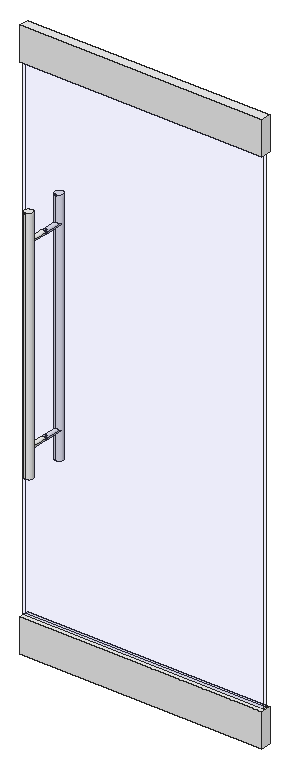
Revit family
Parameters (values of type "AUS_Sgl Glass framed w d-pull")
  Stile - Top Rail = 125.00 mm
  Stile - Bottom Rail = 125.00 mm
  Offset = 50.00 mm
  Material Handle = Metal - Aluminum
  Material Frame = Metal - Aluminum
  Handle X Distance = 75.00 mm
  Glazing Thickness = 12.00 mm
  Material Glass = Glass
  Assembly Code = ""
Reference planes
  plane 1: y = 0
  plane 2: z = 0
  plane 3: x = 539.723
  plane 4: x = 82.523
  plane 5: x = 996.923
  plane 6: z = 2133.6
  plane 7: y = 50
  plane 8: z = 750
  plane 9: z = 1450
  plane 10: x = 157.523
  plane 11: z = 1550
  plane 12: z = 650
  plane 13: z = 2008.6
  plane 14: z = 125
  plane 15: z = 1066.8
Forms (mm)
  Extrusion 1, solid, material "Glass" <- "Material Glass"
    sketch origin (0, 0, 0) x (1, 0, 0) y (0, 1, 0)
      loop
        line (82.523, 50) -> (82.523, 38) -> (996.923, 38) -> (996.923, 50) -> (82.523, 50)
    from 125 to 2008.6
  Extrusion 2, solid, material "Metal - Aluminum" <- "Material Frame"
    sketch origin (0, 50, 0) x (1, 0, 0) y (0, 0, 1)
      loop
        line (996.923, 0) -> (996.923, 125) -> (82.523, 125) -> (82.523, 0) -> (996.923, 0)
      loop
        line (996.923, 2133.6) -> (82.523, 2133.6) -> (82.523, 2008.6) -> (996.923, 2008.6) -> (996.923, 2133.6)
    from -13 to 25
  Extrusion 3, solid, material "Metal - Aluminum" <- "Material Handle"
    sketch origin (0, 63, 0) x (-1, 0, 0) y (0, 0, 1)
      loop
        circle (-157.523, 750) r 8
    from -13 to 53
  Extrusion 4, solid, material "Metal - Aluminum" <- "Material Handle"
    sketch origin (0, 0, 650) x (0, 1, 0) y (1, 0, 0)
      loop
        circle (116, 157.523) r 15
    from 0 to -900
  Extrusion 5, solid, material "Metal - Aluminum" <- "Material Handle"
    sketch origin (0, 88, 650) x (0, 1, 0) y (1, 0, 0)
      loop
        circle (-116, 157.523) r 15
    from 0 to -900
  Extrusion 6, solid, material "Metal - Aluminum" <- "Material Handle"
    sketch origin (0, -15, 0) x (-1, 0, 0) y (0, 0, 1)
      loop
        circle (-157.523, 750) r 8
    from -13 to 53
  Extrusion 7, solid, material "Metal - Aluminum" <- "Material Handle"
    sketch origin (0, 63, 700) x (-1, 0, 0) y (0, 0, 1)
      loop
        circle (-157.523, 750) r 8
    from -13 to 53
  Extrusion 8, solid, material "Metal - Aluminum" <- "Material Handle"
    sketch origin (0, -15, 700) x (-1, 0, 0) y (0, 0, 1)
      loop
        circle (-157.523, 750) r 8
    from -13 to 53
Lines and regions (mm)
  symbolic lines, style "DoorsPanelProjection"
    curve 1: line (996.923, 50, 0) -> (996.923, 964.4, 0)
  symbolic lines, style "Plan Swing"
    curve 2: arc (82.523, 50, 0) -> (350.345, 696.578, 0) -> (996.923, 964.4, 0) r 914.4
  symbolic lines, style "Elevation Swing"
    curve 3: line (996.923, 0, 2133.6) -> (82.523, 0, 1066.8)
    curve 4: line (82.523, 0, 1066.8) -> (996.923, 0, 0)
Text (mm)
  text "Exterior" at (-272.061, 797.241, 0), in view "Base Line"
Dimensions and locks
  equal spacing: plane 4, plane 3, plane 5
  "Offset": plane 1 to plane 7
  plane 2 to plane 6 = 2133.60 mm
  level to plane 8 to plane 9 = 750.00 mm, 700.00 mm
  "Glazing Thickness": Extrusion 1 to Extrusion 1
  locked: Extrusion 2 to plane 7 at 13
  locked: Extrusion 2 to Extrusion 1 at 13
  "Handle X Distance": plane 4 to plane 10
  Extrusion 1 to plane 5 = 0.00 mm
  plane 4 to Extrusion 1 = 0.00 mm
  "Stile - Bottom Rail": level to plane 14
  "Stile - Top Rail": plane 13 to plane 6
  equal spacing: level, plane 15, plane 6
  aligned and locked: Extrusion 4 to plane 11
  aligned and locked: Extrusion 1 to plane 5
  aligned and locked: plane 4 to Extrusion 1
  aligned and locked: plane 14 to Extrusion 2 sketch curve
  aligned and locked: Extrusion 2 sketch curve to plane 13
  aligned and locked: Extrusion 1 to plane 13
  aligned and locked: plane 14 to Extrusion 1
  aligned and locked: Extrusion 2 to curve 3
  aligned and locked: curve 3 to Extrusion 1
  aligned and locked: curve 4 to Extrusion 2
Automatic sketch dimensions
  curve 2 to plane 4 = 0.00 mm
  curve 2 to plane 5 = 0.00 mm
  curve 2 to plane 7 = 0.00 mm
  curve 1 to plane 7 = 0.00 mm
  curve 4 to plane 15 = 0.00 mm
  curve 4 to plane 5 = 0.00 mm
  curve 3 to plane 5 = 0.00 mm
  Extrusion 1 sketch curve to plane 4 = 0.00 mm
  Extrusion 1 sketch curve to plane 5 = 0.00 mm
  Extrusion 1 sketch curve to plane 7 = 0.00 mm
  plane 7 to Extrusion 1 sketch curve = 12.00 mm
  Extrusion 2 sketch curve to plane 4 = 0.00 mm  (x2)
  Extrusion 2 sketch curve to level = 0.00 mm
  Extrusion 2 sketch curve to plane 5 = 0.00 mm  (x2)
  Extrusion 2 sketch curve to plane 6 = 0.00 mm
  Extrusion 3 sketch curve to plane 8 = 0.00 mm
  Extrusion 3 sketch curve to plane 10 = 0.00 mm
  Extrusion 4 sketch curve to plane 10 = 0.00 mm
  Extrusion 4 sketch curve to plane 7 = 66.00 mm
  Extrusion 5 sketch curve to plane 10 = 0.00 mm
  plane 1 to Extrusion 5 sketch curve = 28.00 mm
  Extrusion 6 sketch curve to plane 8 = 0.00 mm
  Extrusion 6 sketch curve to plane 10 = 0.00 mm
  Extrusion 7 sketch curve to plane 9 = 0.00 mm
  Extrusion 7 sketch curve to plane 10 = 0.00 mm
  Extrusion 8 sketch curve to plane 9 = 0.00 mm
  Extrusion 8 sketch curve to plane 10 = 0.00 mm
  radius of Extrusion 3 sketch curve = 8.00 mm
  radius of Extrusion 4 sketch curve = 15.00 mm
  radius of Extrusion 5 sketch curve = 15.00 mm
  radius of Extrusion 6 sketch curve = 8.00 mm
  radius of Extrusion 7 sketch curve = 8.00 mm
  radius of Extrusion 8 sketch curve = 8.00 mm
